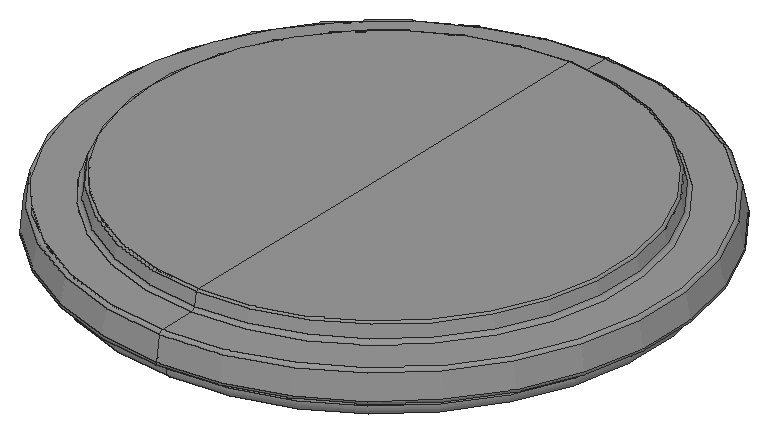
Revit family "FMK13_63_UN_Surface-mounted_ETK", category Lighting Fixtures, Revit 2017 (continued)
Definition of nested family "FMK.1 - Lightsource"
  Types (13, lengths in mm): name | Wattage Comments | Photometric Web File | built-in parameter 1150142 | Apparent Load
    FMK.1129.10N - Ø250x48 / 12W | "12W" | "FMK.1129.10n.ies" | "IESNA:LM-63-2002\r\n[TEST] /2015\r\n[TESTLAB] ies2eulumdat.appspot.com\r\n[ISSUEDATE] 2021-06-16T09:00:21.829\r\n[MANUFAC] www.etk.nl\r\n[LUMCAT] FMK.1109.10\r\n[LUMINAIRE] FMK.1 LED 12W 3000/4000/5700K ø250 niet dimbaar\r\n[LAMPCAT] LED\r\n[LAMP] LED\r\nTILT=NONE\r\n1\t1150\t1\t46\t180\t1\t2\t-0.250\t-0.250\t0\r\n1.0\t1.0\t11.80\r\n0\t 2\t 4\t 6\t 8\t 10\t 12\t 14\t 16\t 18\r\n20\t 22\t 24\t 26\t 28\t 30\t 32\t 34\t 36\t 38\r\n40\t 42\t 44\t 46\t 48\t 50\t 52\t 54\t 56\t 58\r\n60\t 62\t 64\t 66\t 68\t 70\t 72\t 74\t 76\t 78\r\n80\t 82\t 84\t 86\t 88\t 90\r\n0\t 2\t 4\t 6\t 8\t 10\t 12\t 14\t 16\t 18\r\n20\t 22\t 24\t 26\t 28\t 30\t 32\t 34\t 36\t 38\r\n40\t 42\t 44\t 46\t 48\t 50\t 52\t 54\t 56\t 58\r\n60\t 62\t 64\t 66\t 68\t 70\t 72\t 74\t 76\t 78\r\n80\t 82\t 84\t 86\t 88\t 90\t 92\t 94\t 96\t 98\r\n100\t 102\t 104\t 106\t 108\t 110\t 112\t 114\t 116\t 118\r\n120\t 122\t 124\t 126\t 128\t 130\t 132\t 134\t 136\t 138\r\n140\t 142\t 144\t 146\t 148\t 150\t 152\t 154\t 156\t 158\r\n160\t 162\t 164\t 166\t 168\t 170\t 172\t 174\t 176\t 178\r\n180\t 182\t 184\t 186\t 188\t 190\t 192\t 194\t 196\t 198\r\n200\t 202\t 204\t 206\t 208\t 210\t 212\t 214\t 216\t 218\r\n220\t 222\t 224\t 226\t 228\t 230\t 232\t 234\t 236\t 238\r\n240\t 242\t 244\t 246\t 248\t 250\t 252\t 254\t 256\t 258\r\n260\t 262\t 264\t 266\t 268\t 270\t 272\t 274\t 276\t 278\r\n280\t 282\t 284\t 286\t 288\t 290\t 292\t 294\t 296\t 298\r\n300\t 302\t 304\t 306\t 308\t 310\t 312\t 314\t 316\t 318\r\n320\t 322\t 324\t 326\t 328\t 330\t 332\t 334\t 336\t 338\r\n340\t 342\t 344\t 346\t 348\t 350\t 352\t 354\t 356\t 358\r\n\r\n405.3384\t404.7765\t404.2265\t402.9975\t401.1013\t399.2051\t395.3191\t391.4331\t387.5471\t383.661\r\n379.7751\t373.4779\t367.169\t360.8717\t354.5746\t348.2657\t339.7094\t331.1415\t322.5852\t314.029\r\n305.461\t294.8096\t284.1582\t273.5069\t262.8555\t252.2041\t239.7267\t227.261\t214.7837\t202.3181\r\n189.8525\t177.3751\t164.9094\t152.432\t139.9664\t127.4891\t0\t0\t0\t0\r\n0\t0\t0\t0\t0\t0\r\n405.3384\t404.7925\t404.2577\t403.0448\t401.1686\t399.2994\t395.4335\t391.5606\t387.7102\t383.8203\r\n379.9334\t373.6444\t367.3443\t361.0453\t354.7325\t348.4388\t339.8983\t331.3616\t322.8117\t314.2627\r\n305.722\t295.0872\t284.4404\t273.8022\t263.1576\t252.5163\t240.0548\t227.5873\t215.131\t202.664\r\n190.1945\t177.7378\t165.2697\t152.8012\t140.3312\t128.1946\t0.3296\t0\t0\t0\r\n0\t0\t0\t0\t0\t0\r\n405.3384\t404.8094\t404.2892\t403.0935\t401.2796\t399.4809\t395.6213\t391.7396\t387.8385\t383.9437\r\n380.072\t373.802\t367.5085\t361.2065\t354.9129\t348.6531\t340.137\t331.5961\t323.0451\t314.5012\r\n305.9895\t295.3818\t284.734\t274.0862\t263.4264\t252.8071\t240.376\t227.9231\t215.4572\t202.995\r\n190.53\t178.0631\t165.6056\t153.1389\t140.6717\t129.4859\t1.3419\t0\t0\t0\r\n0\t0\t0\t0\t0\t0\r\n405.3384\t404.8271\t404.3209\t403.1488\t401.3532\t399.5783\t395.7291\t391.8382\t387.9181\t384.0265\r\n380.1901\t373.9544\t367.6616\t361.3486\t355.0482\t348.8012\t340.3437\t331.8018\t323.2501\t314.6929\r\n306.2129\t295.662\t285.012\t274.3604\t263.7094\t253.1247\t240.74\t228.2758\t215.8122\t203.3491\r\n190.8749\t178.4127\t165.9503\t153.4898\t141.027\t131.3458\t3.1025\t0\t0\t0\r\n0\t0\t0\t0\t0\t0\r\n405.3384\t404.8458\t404.3591\t403.1978\t401.4167\t399.6486\t395.7816\t391.8937\t388.0038\t384.1068\r\n380.2987\t374.1143\t367.817\t361.5156\t355.2003\t348.9967\t340.5979\t332.043\t323.4957\t314.942\r\n306.4955\t295.9896\t285.3021\t274.6328\t263.9659\t253.4202\t241.0823\t228.6129\t216.1591\t203.6915\r\n191.2234\t178.7558\t166.3001\t153.8352\t141.371\t133.6544\t5.718\t0\t0\t0\r\n0\t0\t0\t0\t0\t0\r\n405.3384\t404.8652\t404.3908\t403.2459\t401.4706\t399.6646\t395.8675\t391.9843\t388.0857\t384.1821\r\n380.4316\t374.3456\t368.0256\t361.7021\t355.3697\t349.2\t340.8799\t332.2872\t323.6935\t315.0968\r\n306.6804\t296.3012\t285.6181\t274.9391\t264.248\t253.707\t241.4578\t228.9766\t216.4988\t204.0245\r\n191.5571\t179.0864\t166.6186\t154.1544\t141.6922\t136.24\t9.3369\t0\t0\t0\r\n0\t0\t0\t0\t0\t0\r\n405.3384\t404.8854\t404.4219\t403.2933\t401.5055\t399.7186\t395.9651\t392.0842\t388.1903\t384.3067\r\n380.5784\t374.5562\t368.2162\t361.8639\t355.4958\t349.3364\t341.1183\t332.5123\t323.9013\t315.2964\r\n306.9063\t296.6299\t285.9122\t275.1976\t264.4831\t253.9575\t241.8218\t229.3201\t216.8328\t204.3396\r\n191.8483\t179.3695\t166.8926\t154.4222\t141.9565\t138.8551\t14.1501\t0\t0\t0\r\n0\t0\t0\t0\t0\t0\r\n405.3384\t404.9066\t404.4521\t403.3398\t401.5506\t399.7766\t396.0731\t392.2029\t388.3231\t384.3922\r\n380.6589\t374.7488\t368.3792\t361.9898\t355.5837\t349.4181\t341.3685\t332.7528\t324.1099\t315.4532\r\n307.0598\t296.9581\t286.2249\t275.4731\t264.7159\t254.1799\t242.1928\t229.6762\t217.1659\t204.6692\r\n192.1717\t179.6758\t167.1817\t154.6978\t142.2295\t141.3105\t20.401\t0\t0\t0\r\n0\t0\t0\t0\t0\t0\r\n405.3384\t404.9688\t404.4817\t403.3908\t401.5946\t399.8358\t396.2032\t392.3475\t388.4203\t384.4425\r\n380.7195\t374.9437\t368.5473\t362.1238\t355.6851\t349.5134\t341.9282\t332.9785\t324.3069\t315.6402\r\n306.9436\t297.5694\t286.5262\t275.7395\t264.9593\t254.1623\t242.7912\t230.0358\t217.5005\t204.986\r\n192.4711\t179.9636\t167.4644\t154.9748\t142.4941\t143.2492\t28.3764\t0\t0\t0\r\n0\t0\t0\t0\t0\t0\r\n405.3384\t404.9901\t404.5102\t403.434\t401.6375\t399.8986\t396.3675\t392.4653\t388.4946\t384.4886\r\n380.7515\t375.1532\t368.7296\t362.2829\t355.7949\t349.2691\t342.1908\t333.257\t324.528\t315.7751\r\n307.0363\t297.9246\t286.8722\t276.0236\t265.1733\t254.3419\t243.18\t230.433\t217.8766\t205.3224\r\n192.7845\t180.2462\t167.7206\t155.2142\t142.724\t144.3059\t38.4235\t0\t0\t0\r\n0\t0\t0\t0\t0\t0\r\n405.3384\t405.0108\t404.5376\t403.4745\t401.6757\t399.9613\t396.5103\t392.5677\t388.5717\t384.5293\r\n380.4421\t375.6788\t368.9428\t362.4278\t355.8852\t349.3419\t342.4468\t333.4846\t324.7196\t315.9401\r\n307.1422\t298.1755\t287.1691\t276.2852\t265.4162\t254.5351\t243.54\t230.8321\t218.2158\t205.6051\r\n193.0422\t180.5018\t167.9628\t155.4439\t142.9509\t130.4715\t80.1717\t0\t0\t0\r\n0\t0\t0\t0\t0\t0\r\n405.3384\t405.0308\t404.5638\t403.5122\t401.7197\t400.0344\t396.6479\t392.675\t388.642\t384.5539\r\n380.446\t375.8849\t369.1475\t362.5941\t356.0076\t349.3402\t342.606\t333.7678\t324.9507\t316.0958\r\n307.1888\t298.3823\t287.5427\t276.5987\t265.6547\t254.6769\t243.7733\t231.1892\t218.5583\t205.9536\r\n193.3574\t180.7795\t168.2176\t155.6732\t143.1664\t130.6811\t92.6587\t0\t0\t0\r\n0\t0\t0\t0\t0\t0\r\n405.3384\t405.0504\t404.5956\t403.547\t401.7653\t400.0733\t397.0342\t392.7846\t388.7175\t384.6009\r\n380.4658\t376.0643\t369.3866\t362.7735\t356.0799\t349.3699\t342.7566\t334.0832\t325.1628\t316.2179\r\n307.2752\t298.5357\t287.9146\t276.8913\t265.8705\t254.8646\t244.0337\t231.6235\t218.9315\t206.265\r\n193.6356\t181.0339\t168.4572\t155.9156\t143.3861\t130.8825\t104.473\t0\t0\t0\r\n0\t0\t0\t0\t0\t0\r\n405.3384\t405.0692\t404.6173\t403.5726\t401.812\t400.0922\t397.1653\t392.8976\t388.795\t384.6787\r\n380.4567\t376.1942\t369.6246\t362.9226\t356.2055\t349.4272\t342.8367\t334.3769\t325.3805\t316.3703\r\n307.3625\t298.3377\t288.5546\t277.2123\t266.1258\t255.0391\t244.1559\t232.0335\t219.3073\t206.6258\r\n193.9576\t181.3129\t168.7045\t156.1324\t143.5875\t131.0872\t115.0185\t0\t0\t0\r\n0\t0\t0\t0\t0\t0\r\n405.3384\t405.0876\t404.6362\t403.6022\t401.8688\t399.828\t397.2783\t392.9976\t388.9023\t384.7385\r\n380.4432\t376.2623\t369.8607\t363.1303\t356.3361\t349.4819\t342.5273\t334.9205\t325.6274\t316.563\r\n307.4647\t298.325\t288.8953\t277.552\t266.3836\t255.2249\t244.066\t232.6598\t219.71\t206.9637\r\n194.2635\t181.5828\t168.9417\t156.3369\t143.7678\t131.2452\t123.6219\t0\t0\t0\r\n0\t0\t0\t0\t0\t0\r\n405.3384\t405.1054\t404.6527\t403.6299\t401.9954\t399.8313\t397.3825\t393.1311\t389.0376\t384.7914\r\n380.4256\t376.2601\t370.1442\t363.3441\t356.5\t349.5195\t342.4467\t335.1645\t325.9313\t316.7695\r\n307.548\t298.3169\t289.1161\t277.9297\t266.651\t255.4032\t244.1853\t232.9715\t220.1319\t207.3312\r\n194.5444\t181.8166\t169.148\t156.5181\t143.9438\t131.4005\t129.5504\t10.7169\t0\t0\r\n0\t0\t0\t0\t0\t0\r\n405.3384\t405.1227\t404.6665\t403.6558\t402.0282\t399.8387\t397.4732\t393.2952\t389.1616\t384.8421\r\n380.4176\t375.9014\t370.721\t363.6037\t356.6569\t349.5494\t342.4061\t335.3294\t326.2421\t316.9739\r\n307.6665\t298.3454\t289.1781\t278.2878\t266.963\t255.6467\t244.3238\t233.1536\t220.5163\t207.6577\r\n194.8355\t182.0686\t169.3482\t156.6677\t144.0408\t131.4715\t131.8453\t25.923\t0\t0\r\n0\t0\t0\t0\t0\t0\r\n405.3384\t405.1396\t404.6776\t403.6776\t402.0538\t399.8619\t397.5341\t393.5083\t389.2881\t384.8846\r\n380.4261\t375.832\t370.9139\t363.9038\t356.8028\t349.6355\t342.4017\t335.332\t326.5796\t317.2212\r\n307.8198\t298.3417\t288.8594\t278.9905\t267.339\t255.8866\t244.4302\t233.0061\t221.1259\t208.0094\r\n195.1274\t182.2902\t169.5075\t156.7928\t144.1389\t131.538\t118.9821\t72.5747\t0\t0\r\n0\t0\t0\t0\t0\t0\r\n405.3384\t405.1559\t404.686\t403.7113\t402.0482\t399.882\t397.6063\t393.7003\t389.4083\t384.9648\r\n380.4586\t375.7543\t371.0891\t364.165\t357.0131\t349.7518\t342.4103\t334.9484\t327.1548\t317.4999\r\n307.9709\t298.3923\t288.8332\t279.2321\t267.7019\t256.1485\t244.593\t233.049\t221.4516\t208.379\r\n195.4187\t182.5259\t169.6952\t156.9157\t144.2105\t131.5685\t118.9925\t91.6472\t0\t0\r\n0\t0\t0\t0\t0\t0\r\n405.3384\t405.1718\t404.6918\t403.7304\t402.0748\t399.9057\t397.6713\t393.8957\t389.5114\t385.088\r\n380.4979\t375.7076\t371.0587\t364.4889\t357.2386\t349.9042\t342.4218\t334.8539\t327.2884\t317.8216\r\n308.1836\t298.5219\t288.784\t279.2695\t268.1369\t256.4569\t244.7869\t233.1079\t221.6219\t208.7797\r\n195.7476\t182.7712\t169.842\t157.0084\t144.2669\t131.5897\t118.9856\t106.3522\t0\t0\r\n0\t0\t0\t0\t0\t0\r\n405.3384\t405.1872\t404.677\t403.7455\t402.1069\t399.9332\t397.7438\t394.3242\t389.6719\t385.2237\r\n380.5442\t375.6807\t370.6129\t365.0631\t357.5309\t350.0674\t342.4859\t334.7817\t327.2448\t318.4473\r\n308.4635\t298.6371\t288.784\t278.8955\t268.7927\t256.8209\t244.9966\t233.2361\t221.4851\t209.3772\r\n196.0586\t182.9925\t170.014\t157.1221\t144.303\t131.5659\t118.922\t115.4507\t0.7529\t0\r\n0\t0\t0\t0\t0\t0\r\n405.3384\t405.2023\t404.5924\t403.7567\t402.1445\t399.9518\t397.5215\t394.4699\t389.8906\t385.382\r\n380.6063\t375.6074\t370.4961\t365.1827\t357.8531\t350.2794\t342.5728\t334.767\t326.8088\t318.7303\r\n308.7717\t298.8224\t288.8326\t278.8036\t268.8778\t257.2662\t245.3121\t233.3885\t221.4719\t209.6291\r\n196.4163\t183.2663\t170.1886\t157.217\t144.3317\t131.5459\t118.8227\t106.1876\t17.4697\t0\r\n0\t0\t0\t0\t0\t0\r\n405.3384\t405.217\t404.5944\t403.7643\t402.2164\t399.9969\t397.5215\t394.5348\t390.1198\t385.5481\r\n380.6842\t375.579\t370.3695\t365.1761\t358.5091\t350.5396\t342.7377\t334.7731\t326.7113\t318.7291\r\n309.1553\t299.0695\t288.9289\t278.7193\t268.5571\t257.9194\t245.6422\t233.5555\t221.5159\t209.6959\r\n196.8141\t183.564\t170.3986\t157.3153\t144.3298\t131.4311\t118.6433\t105.963\t65.2493\t0\r\n0\t0\t0\t0\t0\t0\r\n405.3384\t405.2314\t404.597\t403.7683\t402.259\t400.1387\t397.5142\t394.6254\t390.3718\t385.7346\r\n380.7618\t375.6336\t370.2359\t364.7113\t358.7633\t350.8369\t342.942\t334.8576\t326.6208\t318.2983\r\n309.7123\t299.3766\t289.0811\t278.7695\t268.3526\t258.0866\t246.0418\t233.822\t221.6258\t209.5032\r\n197.3492\t183.8918\t170.5912\t157.4067\t144.3357\t131.3476\t118.48\t105.7362\t86.9291\t0\r\n0\t0\t0\t0\t0\t0\r\n405.3384\t405.2454\t404.6007\t403.7691\t402.2969\t400.2013\t397.5194\t394.7022\t390.8756\t385.9297\r\n380.8283\t375.6809\t370.2029\t364.5257\t358.7975\t351.2443\t343.1931\t334.9798\t326.6184\t318.1094\r\n309.6994\t299.7814\t289.3562\t278.8261\t268.235\t257.6488\t246.725\t234.1375\t221.8235\t209.5282\r\n197.4412\t184.2693\t170.8692\t157.5318\t144.3183\t131.2485\t118.3192\t105.4985\t99.8452\t0\r\n0\t0\t0\t0\t0\t0\r\n405.3384\t405.2465\t404.6055\t403.7327\t402.33\t400.28\t397.5374\t394.7758\t391.1064\t386.1222\r\n380.9814\t375.6963\t370.1916\t364.3689\t358.3019\t351.8681\t343.551\t335.1761\t326.6651\t318.0094\r\n309.224\t300.3263\t289.676\t278.9673\t268.2109\t257.4449\t246.79\t234.5954\t222.0662\t209.6096\r\n197.2538\t184.796\t171.1111\t157.6776\t144.3725\t131.1929\t118.1378\t105.2239\t92.4606\t7.417\r\n0\t0\t0\t0\t0\t0\r\n405.3384\t405.26\t404.6117\t403.7331\t402.3583\t400.3318\t397.5727\t394.5667\t391.2865\t386.3445\r\n381.2477\t375.7985\t370.1959\t364.244\t358.0878\t351.9228\t343.9437\t335.4465\t326.8059\t317.9911\r\n309.0489\t300.2024\t290.2985\t279.2004\t268.2951\t257.2789\t246.344\t235.2056\t222.4167\t209.7955\r\n197.2042\t184.8605\t171.4948\t157.9091\t144.4487\t131.1247\t117.9609\t104.9565\t92.1149\t52.9313\r\n0\t0\t0\t0\t0\t0\r\n405.3384\t405.2736\t404.6193\t403.7351\t402.3811\t400.3748\t397.6302\t394.5872\t391.3781\t386.8119\r\n381.4951\t375.9993\t370.2514\t364.1293\t357.9116\t351.3889\t344.5079\t335.822\t327.0416\t318.0736\r\n308.9557\t299.6921\t290.3569\t279.5927\t268.421\t257.3226\t246.1\t234.903\t222.8814\t210.0311\r\n197.2958\t184.6475\t172.0079\t158.165\t144.5452\t131.0796\t117.7978\t104.7315\t91.8426\t76.8551\r\n0\t0\t0\t0\t0\t0\r\n405.3384\t405.2871\t404.6284\t403.7382\t402.383\t400.4092\t397.8019\t394.6157\t391.382\t386.9759\r\n381.7537\t376.2214\t370.3501\t364.1175\t357.7917\t351.1064\t344.4201\t336.5393\t327.3814\t318.2587\r\n308.9705\t299.4656\t289.8818\t280.0753\t268.8078\t257.4031\t245.984\t234.5829\t223.2864\t210.4452\r\n197.4796\t184.6232\t171.8738\t158.4916\t144.6856\t131.1101\t117.7175\t104.5034\t91.5471\t87.0893\r\n0\t0\t0\t0\t0\t0\r\n405.3384\t405.3008\t404.6392\t403.7418\t402.3989\t400.4352\t397.8747\t394.6614\t391.0674\t387.1128\r\n382.2229\t376.4632\t370.4832\t364.2203\t357.7251\t350.8963\t343.8101\t336.6669\t327.8215\t318.561\r\n309.1145\t299.4337\t289.6313\t279.6987\t269.4041\t257.6346\t246.0417\t234.3777\t222.7877\t211.0609\r\n197.8041\t184.6956\t171.7174\t158.9026\t144.9461\t131.1605\t117.657\t104.3263\t91.2411\t78.3968\r\n8.6356\t0\t0\t0\t0\t0\r\n405.3384\t405.3146\t404.6518\t403.7453\t402.4116\t400.4333\t397.9374\t394.7255\t391.0189\t387.2362\r\n382.4741\t376.7553\t370.621\t364.3583\t357.712\t350.7498\t343.5434\t336.0689\t328.3754\t318.9975\r\n309.3575\t299.5473\t289.484\t279.3984\t269.2587\t258.261\t246.2079\t234.3624\t222.4746\t210.6739\r\n198.3975\t184.9162\t171.7187\t158.643\t145.2545\t131.3415\t117.6016\t104.16\t90.981\t78.0548\r\n54.1337\t0\t0\t0\t0\t0\r\n405.3384\t405.4889\t404.6945\t403.6712\t402.4205\t400.4506\t397.9834\t394.8928\t390.9998\t386.973\r\n382.6577\t377.3141\t370.8707\t364.5641\t357.7877\t350.7046\t343.3801\t335.7208\t327.8525\t319.6767\r\n309.7968\t299.7787\t289.6134\t279.2245\t268.6962\t258.2578\t246.6038\t234.4814\t222.3847\t210.2821\r\n198.4381\t185.3347\t171.8446\t158.564\t145.4985\t131.5442\t117.6455\t104.0124\t90.7095\t77.7184\r\n71.0115\t0\t0\t0\t0\t0\r\n405.3384\t405.5009\t404.7104\t403.6809\t402.4254\t400.4644\t398.0198\t394.9896\t391.014\t386.9406\r\n382.6666\t377.537\t371.2201\t364.837\t357.9545\t350.7593\t343.2926\t335.5022\t327.46\t319.1538\r\n310.4783\t300.1684\t289.8497\t279.2431\t268.5397\t257.661\t246.8589\t234.8353\t222.4783\t210.092\r\n197.8192\t185.7046\t172.2109\t158.5712\t145.1721\t131.9025\t117.7262\t103.9048\t90.5045\t77.4349\r\n64.724\t0\t0\t0\t0\t0\r\n405.3384\t405.512\t404.7274\t403.6949\t402.4256\t400.4737\t398.0459\t395.0319\t391.1349\t386.9314\r\n382.368\t377.565\t371.7894\t365.1647\t358.2122\t350.925\t343.2805\t335.4297\t327.1908\t318.7224\r\n309.9642\t300.886\t290.2777\t279.5029\t268.5805\t257.4726\t246.2239\t235.0727\t222.7881\t210.1727\r\n197.5617\t185.0625\t172.6371\t158.8143\t145.0846\t131.6118\t117.8827\t103.9322\t90.3265\t77.1744\r\n64.48\t35.0653\t0\t0\t0\t0\r\n405.3384\t405.522\t404.7455\t403.7452\t402.4209\t400.4773\t398.0588\t395.0488\t391.1753\t387.0135\r\n382.3352\t377.2242\t371.9159\t365.7147\t358.5534\t351.2243\t343.4254\t335.4792\t327.0606\t318.4772\r\n309.4696\t300.3065\t290.8705\t280.0089\t268.8629\t257.5392\t246.0377\t234.4621\t222.8965\t210.6316\r\n197.5873\t184.7291\t171.9505\t159.2993\t145.2866\t131.4601\t118.0115\t103.9741\t90.2222\t76.9361\r\n64.1798\t56.618\t0\t0\t0\t0\r\n405.3384\t405.5308\t404.7649\t403.7651\t402.3395\t400.4737\t398.0593\t395.0424\t391.207\t387.0567\r\n382.3506\t377.1527\t371.6378\t365.821\t359.1154\t351.6039\t343.7387\t335.6237\t327.116\t318.3892\r\n309.185\t299.8538\t290.1589\t280.4669\t269.6277\t257.8645\t246.1541\t234.2897\t222.3665\t210.3175\r\n198.0481\t184.7232\t171.6272\t158.6683\t145.768\t131.577\t117.6798\t104.1455\t90.1031\t76.7097\r\n63.9092\t51.7004\t0\t0\t0\t0\r\n405.3384\t405.5388\t404.7856\t403.7878\t402.34\t400.4766\t398.0469\t395.016\t391.2276\t387.086\r\n382.4782\t377.1848\t371.6139\t365.5258\t359.2193\t352.1252\t344.383\t335.9209\t327.3527\t318.4608\r\n309.1505\t299.601\t289.7392\t279.6691\t269.2868\t258.5846\t246.5891\t234.456\t222.2595\t209.9698\r\n197.5743\t185.146\t171.655\t158.2647\t145.101\t132.0467\t117.7168\t103.7776\t90.1162\t76.5416\r\n63.6537\t51.4481\t11.4644\t0\t0\t0\r\n405.3384\t405.5455\t404.8079\t403.8136\t402.3469\t400.3632\t398.021\t394.9736\t391.2361\t387.0991\r\n382.4999\t377.3413\t371.7228\t365.4801\t358.9167\t352.0852\t344.7107\t336.4982\t327.7775\t318.7203\r\n309.3167\t299.5744\t289.5996\t279.3072\t268.7148\t257.8887\t247.047\t235.2639\t222.5436\t209.9771\r\n197.2699\t184.5597\t171.885\t158.2865\t144.6692\t131.337\t118.1829\t103.7905\t89.9666\t76.4265\r\n63.4089\t51.1676\t44.0861\t0\t0\t0\r\n405.3384\t405.5513\t404.9774\t403.8429\t402.3609\t400.3505\t397.8886\t394.8898\t391.2407\t387.0953\r\n382.4979\t377.3824\t371.7634\t365.5989\t358.905\t351.812\t344.4396\t336.63\t328.3847\t319.3177\r\n309.7407\t299.8087\t289.728\t279.2246\t268.459\t257.4328\t246.1417\t234.7065\t223.2024\t210.4254\r\n197.4644\t184.3923\t171.2764\t158.1367\t144.9817\t130.9885\t117.4819\t104.1949\t89.9202\t76.3115\r\n63.1698\t50.8615\t39.4911\t0\t0\t0\r\n405.3384\t405.5559\t404.9992\t403.8756\t402.382\t400.349\t397.8573\t394.7468\t391.2145\t387.0848\r\n382.4587\t377.3893\t371.7642\t365.6347\t359.0468\t351.9462\t344.3869\t336.3706\t328.1386\t319.4674\r\n310.3444\t300.4744\t290.1739\t279.4322\t268.5321\t257.3547\t245.836\t234.1207\t222.3374\t210.1954\r\n198.078\t184.7804\t171.3331\t157.8412\t144.3958\t131.1966\t117.2105\t103.4803\t90.2145\t76.2405\r\n62.9998\t50.5463\t39.207\t5.7837\t0\t0\r\n
